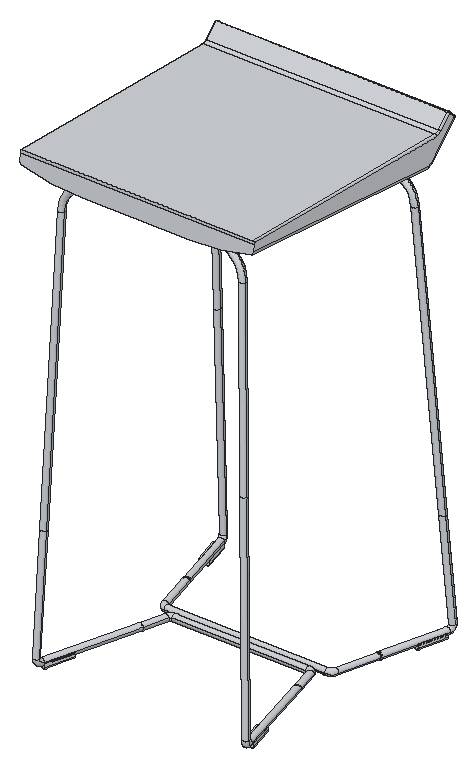
Revit family
Parameters (values of type "Barstool")
  URL = "http://www.keilhauer.com/"
  Product Documentation Link = "http://www.keilhauer.com/"
  Model = "9091"
  Manufacturer = "Keilhauer, Corp."  # constant formula
  Keilhauer Coarse [instance] = none
  Keilhauer Cahoots Glide [instance] = none
  Keilhauer Cahoots Frame [instance] = none
  Keilhauer Cahoots Cushion [instance] = none
  Height = 33.00"
  Description = "Barstool"
  Counterstool = no
  Copyright © = "© 2013 Keilhauer, Corp."  # constant formula
  Catalog = "CAHOOTS"  # constant formula
  Barstool = yes
  Authoring Version = "Autodesk Revit Architecture 2011"  # constant formula
  Assembly Code = "E2020200"
Reference planes
  plane 1 "Center (Front/Back)": y = 0
  plane 2: z = 0
  plane 3 "Center (Left/Right)": x = 0
  plane 4 "B": through (0, 221.175, -0.909) normal (0, 0.9969, 0.0787)
  plane 5 "F": through (0, -231.743, 0) normal (0, 0.9994, -0.0349)
  plane 6 "h": z = 224.152
  plane 7 "Diag": through (-209.57, 231.743, 1200) normal (0.9703, 0.2419, 0)
  plane 8: through (209.57, 231.743, 1200) normal (0.9703, -0.2419, 0)
  plane 9: z = 8.173
  plane 10: z = 838.2
  plane 11: z = 838.2
  plane 12: through (251.028, 497.351, 82.683) normal (0, -0.0934, 0.9956)
  plane 13: through (251.028, 497.351, 82.683) normal (0, -0.0934, 0.9956)
  plane 14: through (251.028, 497.351, 82.683) normal (0, -0.0934, 0.9956)
  plane 15: through (251.028, 497.351, 82.683) normal (0, -0.0934, 0.9956)
Forms (mm)
  Sweep 1, solid, material <- "Keilhauer Cahoots Cushion", detail levels fine
    path origin (0, 0, -22.225) x (0, 1, 0) y (0, 0, 1)
      loop
        line (231.743, 838.2) -> (176.163, 782.62) -> (161.37, 778.656) -> (-231.743, 813.049)
    profile origin (0, 168.767, 758.413) x (0, 0.258819, -0.965926) y (1, 0, 0)
      loop
        line (0, 0) -> (0, 95.23)
        arc (0, 95.23) -> (-3.725, 151.025) -> (-14.834, 205.829) r 419.704
        arc (-14.834, 205.829) -> (-16.652, 208.528) -> (-19.735, 209.57) r 5.08
        line (-19.735, 209.57) -> (-31.75, 209.57) -> (-31.75, -209.57) -> (-19.735, -209.57)
        arc (-19.735, -209.57) -> (-16.652, -208.528) -> (-14.834, -205.829) r 5.08
        arc (-14.834, -205.829) -> (-3.725, -151.025) -> (0, -95.23) r 419.704
        line (0, -95.23) -> (0, 0)
  Extrusion 2, solid, material <- "Keilhauer Cahoots Cushion", detail levels fine
    sketch origin (0, 209.293, 838.426) x (-1, 0, 0) y (0, -0.707107, 0.707107)
      loop
        line (-207.218, 4.043) -> (-207.218, -12.015)
        arc (-207.218, -12.015) -> (-206.659, -13.671) -> (-205.209, -14.647) r 2.728
        arc (-205.209, -14.647) -> (-150.712, -25.694) -> (-95.23, -29.398) r 417.353
        line (-95.23, -29.398) -> (95.23, -29.398)
        arc (95.23, -29.398) -> (150.712, -25.694) -> (205.209, -14.647) r 417.353
        arc (205.209, -14.647) -> (206.659, -13.671) -> (207.218, -12.015) r 2.728
        line (207.218, -12.015) -> (207.218, 4.043) -> (-207.218, 4.043)
    from 0 to 2.362
  Sweep 3, solid, material <- "Keilhauer Cahoots Cushion", detail levels fine
    path origin (0, 0, 0) x (0, -1, 0) y (0, 0, 1)
      loop
        line (228.976, 822.453) -> (-178.037, 814.029)
        arc (-178.037, 814.029) -> (-184.244, 815.163) -> (-189.508, 818.641) r 15.761
        line (-189.508, 818.641) -> (-209.293, 838.426)
    profile origin (0, -25.469, 818.241) x (0, -0.020694, -0.999786) y (-1, 0, 0)
      loop
        line (-5.556, 207.03) -> (-5.556, -207.03)
        arc (-5.556, -207.03) -> (-4.812, -208.826) -> (-3.016, -209.57) r 2.54
        line (-3.016, -209.57) -> (6.484, -209.57) -> (6.484, 209.57) -> (-3.016, 209.57)
        arc (-3.016, 209.57) -> (-4.812, 208.826) -> (-5.556, 207.03) r 2.54
  Extrusion 4, solid, material <- "Keilhauer Cahoots Cushion", detail levels fine
    sketch origin (0, 0, 0) x (0, -1, 0) y (0, 0, 1)
      loop
        line (141.932, 818.091) -> (-186.773, 812.353) -> (-158.302, 783.882) -> (141.932, 810.149) -> (141.932, 818.091)
    from -209.57 to 209.57
  Sweep 5, solid, material <- "Keilhauer Cahoots Cushion", detail levels fine
    path origin (0, 209.293, 838.426) x (-1, 0, 0) y (0, -0.707107, 0.707107)
      loop
        line (207.03, 5.556) -> (-207.03, 5.556)
        arc (-207.03, 5.556) -> (-208.826, 4.812) -> (-209.57, 3.016) r 2.54
        line (-209.57, 3.016) -> (-209.57, -12.015)
        arc (-209.57, -12.015) -> (-208.528, -15.098) -> (-205.829, -16.916) r 5.08
        arc (-205.829, -16.916) -> (-151.025, -28.025) -> (-95.23, -31.75) r 419.704
        line (-95.23, -31.75) -> (95.23, -31.75)
        arc (95.23, -31.75) -> (151.025, -28.025) -> (205.829, -16.916) r 419.704
        arc (205.829, -16.916) -> (208.528, -15.098) -> (209.57, -12.015) r 5.08
        line (209.57, -12.015) -> (209.57, 3.016)
        arc (209.57, 3.016) -> (208.826, 4.812) -> (207.03, 5.556) r 2.54
    profile origin (0, 205.364, 842.355) x (0, 0.707107, -0.707107) y (0, 0.707107, 0.707107)
      loop
        line (0, 0) -> (2.352, 0) -> (2.352, 2.362) -> (0.709, 2.362)
        arc (0.709, 2.362) -> (0.208, 2.154) -> (0, 1.653) r 0.709
        line (0, 1.653) -> (0, 0)
  Sweep 6, solid, material <- "Keilhauer Cahoots Frame", visible <- "Barstool", detail levels fine
    path origin (0, 219.704, 18.146) x (0, 0.078722, -0.996897) y (-1, 0, 0)
      loop
        line (-178.115, -199.084) -> (-685.806, -181.355)
        arc (-685.806, -181.355) -> (-720.575, -165.875) -> (-734.833, -130.586) r 50.8
        line (-734.833, -130.586) -> (-734.833, 130.586)
        arc (-734.833, 130.586) -> (-720.575, 165.875) -> (-685.806, 181.355) r 50.8
        line (-685.806, 181.355) -> (-178.115, 199.084)
    profile origin (0, 161.856, 750.698) x (0, -0.078722, 0.996897) y (0, 0.996897, 0.078722)
      loop
        circle (0, -0.004) r 5.588
  Sweep 7, solid, material <- "Keilhauer Cahoots Frame", visible <- "Barstool", detail levels fine
    path origin (-189.594, 170.434, 702.485) x (-0.034899, 0.078674, -0.996289) y (0.258661, -0.962217, -0.085044)
      loop
        line (679.634, 136.2) -> (689.466, 15.951)
        arc (689.466, 15.951) -> (688.803, 14.023) -> (686.935, 13.204) r 2.54
        line (686.935, 13.204) -> (305.935, 13.204)
    profile origin (-203.504, 196.786, 206.769) x (-0.258661, 0.962217, 0.085044) y (-0.965337, -0.26067, 0.013231)
      loop
        circle (6.473, -6.731) r 5.588
  Sweep 8, solid, material <- "Keilhauer Cahoots Frame", visible <- "Barstool", detail levels fine
    path origin (189.594, 170.434, 702.485) x (0.034899, 0.078674, -0.996289) y (0.258661, 0.962217, 0.085044)
      loop
        line (679.634, -136.2) -> (689.466, -15.951)
        arc (689.466, -15.951) -> (688.803, -14.023) -> (686.935, -13.204) r 2.54
        line (686.935, -13.204) -> (305.935, -13.204)
    profile origin (203.504, 196.786, 206.769) x (-0.258661, -0.962217, -0.085044) y (0.965337, -0.26067, 0.013231)
      loop
        circle (-6.473, -6.731) r 5.588
  Sweep 9, solid, material <- "Keilhauer Cahoots Frame", visible <- "Counterstool", detail levels fine
    path origin (0, 0, 0) x (1, 0, 0) y (0, 1, 0)
      loop
        line (-165.845, 99.167) -> (-145.984, 25.601)
        arc (-145.984, 25.601) -> (-145.076, 24.246) -> (-143.532, 23.723) r 2.54
        line (-143.532, 23.723) -> (143.532, 23.723)
        arc (143.532, 23.723) -> (145.076, 24.246) -> (145.984, 25.601) r 2.54
        line (145.984, 25.601) -> (165.845, 99.167)
    profile origin (-155.915, 62.384, 0) x (0.965434, 0.260647, 0) y (0, 0, 1)
      loop
        spline (-1.4, 8.399) -> (-1.941, 9.754) -> (-2.813, 10.923) -> (-3.959, 11.826) -> (-5.299, 12.402) -> (-6.742, 12.611) -> (-8.191, 12.44) -> (-9.546, 11.9) -> (-10.715, 11.027) -> (-11.618, 9.882) -> (-12.194, 8.541) -> (-12.404, 7.098) -> (-12.233, 5.649)
        spline (-12.233, 5.649) -> (-11.692, 4.294) -> (-10.82, 3.125) -> (-9.674, 2.222) -> (-8.334, 1.646) -> (-6.89, 1.436) -> (-5.442, 1.608) -> (-4.087, 2.148) -> (-2.918, 3.021) -> (-2.014, 4.166) -> (-1.438, 5.506) -> (-1.229, 6.95) -> (-1.4, 8.399)
  Sweep 10, solid, material <- "Keilhauer Cahoots Frame", visible <- "Barstool", detail levels fine
    path origin (0, -220.286, 44.301) x (0, -0.034899, -0.999391) y (1, 0, 0)
      loop
        line (-178.115, 180.034) -> (-688.981, 162.194)
        arc (-688.981, 162.194) -> (-723.75, 146.714) -> (-738.008, 111.425) r 50.8
        line (-738.008, 111.425) -> (-738.008, -111.425)
        arc (-738.008, -111.425) -> (-723.75, -146.714) -> (-688.981, -162.194) r 50.8
        line (-688.981, -162.194) -> (-178.115, -180.034)
    profile origin (0, -194.53, 781.859) x (0, -0.034899, -0.999391) y (0, -0.999391, 0.034899)
      loop
        circle (0, -0.004) r 5.588
  Sweep 11, solid, material <- "Keilhauer Cahoots Cushion", not visible, detail levels fine
    path origin (0, 0, -22.225) x (0, 1, 0) y (0, 0, 1)
      loop
        line (231.743, 838.2) -> (176.163, 782.62) -> (161.37, 778.656) -> (-231.743, 813.049)
    profile origin (0, 168.767, 758.413) x (0, 0.258819, -0.965926) y (1, 0, 0)
      loop
        line (0, 0) -> (0, 95.23)
        arc (0, 95.23) -> (-3.725, 151.025) -> (-14.834, 205.829) r 419.704
        arc (-14.834, 205.829) -> (-16.652, 208.528) -> (-19.735, 209.57) r 5.08
        line (-19.735, 209.57) -> (-31.75, 209.57) -> (-31.75, -209.57) -> (-19.735, -209.57)
        arc (-19.735, -209.57) -> (-16.652, -208.528) -> (-14.834, -205.829) r 5.08
        arc (-14.834, -205.829) -> (-3.725, -151.025) -> (0, -95.23) r 419.704
        line (0, -95.23) -> (0, 0)
  Extrusion 12, solid, material <- "Keilhauer Cahoots Cushion", not visible, detail levels fine
    sketch origin (0, 209.293, 838.426) x (-1, 0, 0) y (0, -0.707107, 0.707107)
      loop
        line (-207.218, 4.043) -> (-207.218, -12.015)
        arc (-207.218, -12.015) -> (-206.659, -13.671) -> (-205.209, -14.647) r 2.728
        arc (-205.209, -14.647) -> (-150.712, -25.694) -> (-95.23, -29.398) r 417.353
        line (-95.23, -29.398) -> (95.23, -29.398)
        arc (95.23, -29.398) -> (150.712, -25.694) -> (205.209, -14.647) r 417.353
        arc (205.209, -14.647) -> (206.659, -13.671) -> (207.218, -12.015) r 2.728
        line (207.218, -12.015) -> (207.218, 4.043) -> (-207.218, 4.043)
    from 0 to 2.362
  Sweep 13, solid, material <- "Keilhauer Cahoots Cushion", not visible, detail levels fine
    path origin (0, 0, 0) x (0, -1, 0) y (0, 0, 1)
      loop
        line (228.976, 822.453) -> (-178.037, 814.029)
        arc (-178.037, 814.029) -> (-184.244, 815.163) -> (-189.508, 818.641) r 15.761
        line (-189.508, 818.641) -> (-209.293, 838.426)
    profile origin (0, -25.469, 818.241) x (0, -0.020694, -0.999786) y (-1, 0, 0)
      loop
        line (-5.556, 207.03) -> (-5.556, -207.03)
        arc (-5.556, -207.03) -> (-4.812, -208.826) -> (-3.016, -209.57) r 2.54
        line (-3.016, -209.57) -> (6.484, -209.57) -> (6.484, 209.57) -> (-3.016, 209.57)
        arc (-3.016, 209.57) -> (-4.812, 208.826) -> (-5.556, 207.03) r 2.54
  Extrusion 14, solid, material <- "Keilhauer Cahoots Cushion", not visible, detail levels fine
    sketch origin (0, 0, 0) x (0, -1, 0) y (0, 0, 1)
      loop
        line (141.932, 818.091) -> (-186.773, 812.353) -> (-158.302, 783.882) -> (141.932, 810.149) -> (141.932, 818.091)
    from -209.57 to 209.57
  Sweep 15, solid, material <- "Keilhauer Cahoots Cushion", not visible, detail levels fine
    path origin (0, 209.293, 838.426) x (-1, 0, 0) y (0, -0.707107, 0.707107)
      loop
        line (207.03, 5.556) -> (-207.03, 5.556)
        arc (-207.03, 5.556) -> (-208.826, 4.812) -> (-209.57, 3.016) r 2.54
        line (-209.57, 3.016) -> (-209.57, -12.015)
        arc (-209.57, -12.015) -> (-208.528, -15.098) -> (-205.829, -16.916) r 5.08
        arc (-205.829, -16.916) -> (-151.025, -28.025) -> (-95.23, -31.75) r 419.704
        line (-95.23, -31.75) -> (95.23, -31.75)
        arc (95.23, -31.75) -> (151.025, -28.025) -> (205.829, -16.916) r 419.704
        arc (205.829, -16.916) -> (208.528, -15.098) -> (209.57, -12.015) r 5.08
        line (209.57, -12.015) -> (209.57, 3.016)
        arc (209.57, 3.016) -> (208.826, 4.812) -> (207.03, 5.556) r 2.54
    profile origin (0, 205.364, 842.355) x (0, 0.707107, -0.707107) y (0, 0.707107, 0.707107)
      loop
        line (0, 0) -> (2.352, 0) -> (2.352, 2.362) -> (0.709, 2.362)
        arc (0.709, 2.362) -> (0.208, 2.154) -> (0, 1.653) r 0.709
        line (0, 1.653) -> (0, 0)
  Sweep 16, solid, material <- "Keilhauer Cahoots Frame", visible <- "Barstool", detail levels fine
    path origin (-167.062, -188.103, 729.567) x (-0.034899, -0.034878, -0.998782) y (-0.258661, -0.965022, 0.042737)
      loop
        line (332.154, 0) -> (713.154, 0)
        arc (713.154, 0) -> (714.982, -0.777) -> (715.693, -2.632) r 2.54
        line (715.693, -2.632) -> (709.5, -173.97)
    profile origin (-185.302, -206.332, 207.549) x (-0.258661, -0.965022, 0.042737) y (-0.965337, 0.259838, 0.024657)
      loop
        circle (6.731, -6.731) r 5.588
  Sweep 17, solid, material <- "Keilhauer Cahoots Frame", visible <- "Barstool", detail levels fine
    path origin (167.062, -188.103, 729.567) x (0.034899, -0.034878, -0.998782) y (-0.258661, 0.965022, -0.042737)
      loop
        line (332.154, 0) -> (713.154, 0)
        arc (713.154, 0) -> (714.982, 0.777) -> (715.693, 2.632) r 2.54
        line (715.693, 2.632) -> (709.5, 173.97)
    profile origin (185.302, -206.332, 207.549) x (-0.258661, 0.965022, -0.042737) y (0.965337, 0.259838, 0.024657)
      loop
        circle (-6.731, -6.731) r 5.588
  Sweep 18, solid, material <- "Keilhauer Cahoots Frame", detail levels fine
    path origin (0, 316.786, 0) x (0, -1, 0) y (1, 0, 0)
      loop
        line (365.842, 133.987) -> (321.841, 122.151)
        arc (321.841, 122.151) -> (320.485, 121.244) -> (319.961, 119.699) r 2.54
        line (319.961, 119.699) -> (319.961, -119.699)
        arc (319.961, -119.699) -> (320.485, -121.244) -> (321.841, -122.151) r 2.54
        line (321.841, -122.151) -> (365.842, -133.987)
    profile origin (128.069, -27.056, 0) x (-0.965674, -0.259759, 0) y (0, 0, 1)
      loop
        spline (-1.464, 7.678) -> (-1.989, 9.039) -> (-2.848, 10.218) -> (-3.983, 11.134) -> (-5.316, 11.726) -> (-6.757, 11.952) -> (-8.208, 11.797) -> (-9.569, 11.272) -> (-10.748, 10.413) -> (-11.664, 9.278) -> (-12.256, 7.944) -> (-12.482, 6.503) -> (-12.327, 5.053)
        spline (-12.327, 5.053) -> (-11.802, 3.692) -> (-10.943, 2.513) -> (-9.808, 1.597) -> (-8.474, 1.005) -> (-7.033, 0.779) -> (-5.583, 0.934) -> (-4.221, 1.459) -> (-3.043, 2.318) -> (-2.126, 3.453) -> (-1.535, 4.787) -> (-1.309, 6.228) -> (-1.464, 7.678)
  Sweep 19, solid, material <- "Keilhauer Cahoots Frame", visible <- "Counterstool", detail levels fine
    path origin (0, 219.704, 18.146) x (0, 0.078722, -0.996897) y (-1, 0, 0)
      loop
        line (-178.115, -199.084) -> (-559.806, -185.755)
        arc (-559.806, -185.755) -> (-594.575, -170.275) -> (-608.833, -134.986) r 50.8
        line (-608.833, -134.986) -> (-608.833, 134.986)
        arc (-608.833, 134.986) -> (-594.575, 170.275) -> (-559.806, 185.755) r 50.8
        line (-559.806, 185.755) -> (-178.115, 199.084)
    profile origin (0, 171.775, 625.089) x (0, -0.078722, 0.996897) y (0, 0.996897, 0.078722)
      loop
        circle (0, -0.004) r 5.588
  Sweep 20, solid, material <- "Keilhauer Cahoots Frame", visible <- "Counterstool", detail levels fine
    path origin (0, -220.286, 44.301) x (0, -0.034899, -0.999391) y (1, 0, 0)
      loop
        line (-178.115, 180.034) -> (-562.684, 166.604)
        arc (-562.684, 166.604) -> (-597.454, 151.124) -> (-611.711, 115.835) r 50.8
        line (-611.711, 115.835) -> (-611.711, -115.835)
        arc (-611.711, -115.835) -> (-597.454, -151.124) -> (-562.684, -166.604) r 50.8
        line (-562.684, -166.604) -> (-178.115, -180.034)
    profile origin (0, -198.938, 655.639) x (0, -0.034899, -0.999391) y (0, -0.999391, 0.034899)
      loop
        circle (0, -0.004) r 5.588
  Sweep 21, solid, material <- "Keilhauer Cahoots Frame", visible <- "Counterstool", detail levels fine
    path origin (-189.594, 170.434, 702.485) x (-0.034899, 0.078674, -0.996289) y (0.258661, -0.962217, -0.085044)
      loop
        line (679.634, 136.2) -> (689.466, 15.951)
        arc (689.466, 15.951) -> (688.803, 14.023) -> (686.935, 13.204) r 2.54
        line (686.935, 13.204) -> (305.935, 13.204)
    profile origin (-203.504, 196.786, 206.769) x (-0.258661, 0.962217, 0.085044) y (-0.965337, -0.26067, 0.013231)
      loop
        circle (6.473, -6.731) r 5.588
  Sweep 22, solid, material <- "Keilhauer Cahoots Frame", visible <- "Counterstool", detail levels fine
    path origin (189.594, 170.434, 702.485) x (0.034899, 0.078674, -0.996289) y (0.258661, 0.962217, 0.085044)
      loop
        line (679.634, -136.2) -> (689.466, -15.951)
        arc (689.466, -15.951) -> (688.803, -14.023) -> (686.935, -13.204) r 2.54
        line (686.935, -13.204) -> (305.935, -13.204)
    profile origin (203.504, 196.786, 206.769) x (-0.258661, -0.962217, -0.085044) y (0.965337, -0.26067, 0.013231)
      loop
        circle (-6.473, -6.731) r 5.588
  Sweep 23, solid, material <- "Keilhauer Cahoots Frame", visible <- "Barstool", detail levels fine
    path origin (0, 0, 0) x (1, 0, 0) y (0, 1, 0)
      loop
        line (-165.845, 99.167) -> (-145.984, 25.601)
        arc (-145.984, 25.601) -> (-145.076, 24.246) -> (-143.532, 23.723) r 2.54
        line (-143.532, 23.723) -> (143.532, 23.723)
        arc (143.532, 23.723) -> (145.076, 24.246) -> (145.984, 25.601) r 2.54
        line (145.984, 25.601) -> (165.845, 99.167)
    profile origin (-155.915, 62.384, 0) x (0.965434, 0.260647, 0) y (0, 0, 1)
      loop
        spline (-1.4, 8.399) -> (-1.941, 9.754) -> (-2.813, 10.923) -> (-3.959, 11.826) -> (-5.299, 12.402) -> (-6.742, 12.611) -> (-8.191, 12.44) -> (-9.546, 11.9) -> (-10.715, 11.027) -> (-11.618, 9.882) -> (-12.194, 8.541) -> (-12.404, 7.098) -> (-12.233, 5.649)
        spline (-12.233, 5.649) -> (-11.692, 4.294) -> (-10.82, 3.125) -> (-9.674, 2.222) -> (-8.334, 1.646) -> (-6.89, 1.436) -> (-5.442, 1.608) -> (-4.087, 2.148) -> (-2.918, 3.021) -> (-2.014, 4.166) -> (-1.438, 5.506) -> (-1.229, 6.95) -> (-1.4, 8.399)
  Sweep 24, solid, material <- "Keilhauer Cahoots Frame", visible <- "Counterstool", detail levels fine
    path origin (-167.062, -188.103, 729.567) x (-0.034899, -0.034878, -0.998782) y (-0.258661, -0.965022, 0.042737)
      loop
        line (332.154, 0) -> (713.154, 0)
        arc (713.154, 0) -> (714.982, -0.777) -> (715.693, -2.632) r 2.54
        line (715.693, -2.632) -> (709.5, -173.97)
    profile origin (-185.302, -206.332, 207.549) x (-0.258661, -0.965022, 0.042737) y (-0.965337, 0.259838, 0.024657)
      loop
        circle (6.731, -6.731) r 5.588
  Sweep 25, solid, material <- "Keilhauer Cahoots Frame", visible <- "Counterstool", detail levels fine
    path origin (167.062, -188.103, 729.567) x (0.034899, -0.034878, -0.998782) y (-0.258661, 0.965022, -0.042737)
      loop
        line (332.154, 0) -> (713.154, 0)
        arc (713.154, 0) -> (714.982, 0.777) -> (715.693, 2.632) r 2.54
        line (715.693, 2.632) -> (709.5, 173.97)
    profile origin (185.302, -206.332, 207.549) x (-0.258661, 0.965022, -0.042737) y (0.965337, 0.259838, 0.024657)
      loop
        circle (-6.731, -6.731) r 5.588
  Sweep 26, solid, material <- "Keilhauer Cahoots Frame", visible <- "Counterstool", detail levels fine
    path origin (0, 316.786, 0) x (0, -1, 0) y (1, 0, 0)
      loop
        line (365.842, 133.987) -> (321.841, 122.151)
        arc (321.841, 122.151) -> (320.485, 121.244) -> (319.961, 119.699) r 2.54
        line (319.961, 119.699) -> (319.961, -119.699)
        arc (319.961, -119.699) -> (320.485, -121.244) -> (321.841, -122.151) r 2.54
        line (321.841, -122.151) -> (365.842, -133.987)
    profile origin (128.069, -27.056, 0) x (-0.965674, -0.259759, 0) y (0, 0, 1)
      loop
        spline (-1.464, 7.678) -> (-1.989, 9.039) -> (-2.848, 10.218) -> (-3.983, 11.134) -> (-5.316, 11.726) -> (-6.757, 11.952) -> (-8.208, 11.797) -> (-9.569, 11.272) -> (-10.748, 10.413) -> (-11.664, 9.278) -> (-12.256, 7.944) -> (-12.482, 6.503) -> (-12.327, 5.053)
        spline (-12.327, 5.053) -> (-11.802, 3.692) -> (-10.943, 2.513) -> (-9.808, 1.597) -> (-8.474, 1.005) -> (-7.033, 0.779) -> (-5.583, 0.934) -> (-4.221, 1.459) -> (-3.043, 2.318) -> (-2.126, 3.453) -> (-1.535, 4.787) -> (-1.309, 6.228) -> (-1.464, 7.678)
  Sweep 27, solid, material <- "Keilhauer Cahoots Glide", detail levels fine
    path origin (167.062, -188.103, 729.567) x (0.034899, -0.034878, -0.998782) y (-0.258661, 0.965022, -0.042737)
      loop
        line (713.858, 53.399) -> (715.693, 2.632)
    profile origin (184.761, -185.998, 14.465) x (0.025534, 0, -0.999674) y (0.965337, 0.259838, 0.024657)
      loop
        arc (5.708, -1.701) -> (12.992, -7.226) -> (5.708, -12.751) r 5.737
        line (5.708, -12.751) -> (5.708, -15.449) -> (12.078, -15.449)
        arc (12.078, -15.449) -> (13.874, -14.705) -> (14.618, -12.909) r 2.54
        line (14.618, -12.909) -> (14.618, -1.543)
        arc (14.618, -1.543) -> (13.874, 0.253) -> (12.078, 0.997) r 2.54
        line (12.078, 0.997) -> (5.708, 0.997) -> (5.708, -1.701)
  Sweep 28, solid, material <- "Keilhauer Cahoots Glide", detail levels fine
    path origin (-167.062, -188.103, 729.567) x (-0.034899, -0.034878, -0.998782) y (-0.258661, -0.965022, 0.042737)
      loop
        line (713.858, -53.399) -> (715.693, -2.632)
    profile origin (-184.761, -185.998, 14.465) x (0.025534, 0, 0.999674) y (-0.965337, 0.259838, 0.024657)
      loop
        line (-5.708, -1.701) -> (-5.708, 0.997) -> (-12.078, 0.997)
        arc (-12.078, 0.997) -> (-13.874, 0.253) -> (-14.618, -1.543) r 2.54
        line (-14.618, -1.543) -> (-14.618, -12.909)
        arc (-14.618, -12.909) -> (-13.874, -14.705) -> (-12.078, -15.449) r 2.54
        line (-12.078, -15.449) -> (-5.708, -15.449) -> (-5.708, -12.751)
        arc (-5.708, -12.751) -> (-12.992, -7.226) -> (-5.708, -1.701) r 5.737
  Sweep 29, solid, material <- "Keilhauer Cahoots Glide", detail levels fine
    path origin (-184.205, 180.528, 729.567) x (-0.034899, 0.034878, -0.998782) y (0.258661, -0.965022, -0.042737)
      loop
        line (713.858, 53.399) -> (715.693, 2.632)
    profile origin (-201.904, 178.423, 14.465) x (-0.025534, 0, -0.999674) y (-0.965337, -0.259838, 0.024657)
      loop
        arc (5.708, -1.701) -> (12.992, -7.226) -> (5.708, -12.751) r 5.737
        line (5.708, -12.751) -> (5.708, -15.449) -> (12.078, -15.449)
        arc (12.078, -15.449) -> (13.874, -14.705) -> (14.618, -12.909) r 2.54
        line (14.618, -12.909) -> (14.618, -1.543)
        arc (14.618, -1.543) -> (13.874, 0.253) -> (12.078, 0.997) r 2.54
        line (12.078, 0.997) -> (5.708, 0.997) -> (5.708, -1.701)
  Sweep 30, solid, material <- "Keilhauer Cahoots Glide", detail levels fine
    path origin (184.205, 180.528, 729.567) x (0.034899, 0.034878, -0.998782) y (0.258661, 0.965022, 0.042737)
      loop
        line (713.858, -53.399) -> (715.693, -2.632)
    profile origin (201.904, 178.423, 14.465) x (-0.025534, 0, 0.999674) y (0.965337, -0.259838, 0.024657)
      loop
        line (-5.708, -1.701) -> (-5.708, 0.997) -> (-12.078, 0.997)
        arc (-12.078, 0.997) -> (-13.874, 0.253) -> (-14.618, -1.543) r 2.54
        line (-14.618, -1.543) -> (-14.618, -12.909)
        arc (-14.618, -12.909) -> (-13.874, -14.705) -> (-12.078, -15.449) r 2.54
        line (-12.078, -15.449) -> (-5.708, -15.449) -> (-5.708, -12.751)
        arc (-5.708, -12.751) -> (-12.992, -7.226) -> (-5.708, -1.701) r 5.737
  Extrusion 31, solid, material <- "Keilhauer Coarse", detail levels coarse
    sketch origin (0, 0, 0) x (0, -1, 0) y (0, 0, 1)
      loop
        line (-206.534, 843.135) -> (-232.312, 817.357) -> (-170.58, 755.625) -> (231.743, 790.824) -> (228.491, 828.001) -> (-184.197, 820.797) -> (-206.534, 843.135)
    from -209.57 to 209.57
  Extrusion 32, solid, material <- "Keilhauer Coarse", detail levels medium
    sketch origin (0, 0, 0) x (0, -1, 0) y (0, 0, 1)
      loop
        line (-206.534, 843.135) -> (-232.312, 817.357) -> (-183.143, 768.188)
        arc (-183.143, 768.188) -> (-169.981, 757.272) -> (-152.881, 757.174) r 25.4
        line (-152.881, 757.174) -> (231.743, 790.824) -> (228.491, 828.001) -> (-172.244, 821.006)
        arc (-172.244, 821.006) -> (-183.386, 822.803) -> (-192.65, 829.25) r 25.4
        line (-192.65, 829.25) -> (-206.534, 843.135)
    from -209.57 to 209.57
  Extrusion 33, solid, material <- "Keilhauer Coarse", not visible, detail levels coarse
    sketch origin (0, 0, 0) x (0, -1, 0) y (0, 0, 1)
      loop
        line (-206.534, 843.135) -> (-232.312, 817.357) -> (-170.58, 755.625) -> (231.743, 790.824) -> (228.491, 828.001) -> (-184.197, 820.797) -> (-206.534, 843.135)
    from -209.57 to 209.57
  Extrusion 34, solid, material <- "Keilhauer Coarse", not visible, detail levels medium
    sketch origin (0, 0, 0) x (0, -1, 0) y (0, 0, 1)
      loop
        line (-206.534, 843.135) -> (-232.312, 817.357) -> (-183.143, 768.188)
        arc (-183.143, 768.188) -> (-169.981, 757.272) -> (-152.881, 757.174) r 25.4
        line (-152.881, 757.174) -> (231.743, 790.824) -> (228.491, 828.001) -> (-172.244, 821.006)
        arc (-172.244, 821.006) -> (-183.386, 822.803) -> (-192.65, 829.25) r 25.4
        line (-192.65, 829.25) -> (-206.534, 843.135)
    from -209.57 to 209.57
  Sweep 35, solid, material <- "Keilhauer Coarse", visible <- "Barstool", detail levels coarse+medium
    path origin (0, 219.704, 18.146) x (0, 0.078722, -0.996897) y (-1, 0, 0)
      loop
        line (-178.115, -199.084) -> (-685.806, -181.355)
        arc (-685.806, -181.355) -> (-720.575, -165.875) -> (-734.833, -130.586) r 50.8
        line (-734.833, -130.586) -> (-734.833, 130.586)
        arc (-734.833, 130.586) -> (-720.575, 165.875) -> (-685.806, 181.355) r 50.8
        line (-685.806, 181.355) -> (-178.115, 199.084)
    profile origin (0, 161.856, 750.698) x (0, -0.078722, 0.996897) y (0, 0.996897, 0.078722)
      loop
        circle (0, -0.004) r 5.588
  Sweep 36, solid, material <- "Keilhauer Coarse", visible <- "Barstool", detail levels coarse+medium
    path origin (-189.594, 170.434, 702.485) x (-0.034899, 0.078674, -0.996289) y (0.258661, -0.962217, -0.085044)
      loop
        line (679.634, 136.2) -> (689.466, 15.951)
        arc (689.466, 15.951) -> (688.803, 14.023) -> (686.935, 13.204) r 2.54
        line (686.935, 13.204) -> (305.935, 13.204)
    profile origin (-203.504, 196.786, 206.769) x (-0.258661, 0.962217, 0.085044) y (-0.965337, -0.26067, 0.013231)
      loop
        circle (6.473, -6.731) r 5.588
  Sweep 37, solid, material <- "Keilhauer Coarse", visible <- "Barstool", detail levels coarse+medium
    path origin (189.594, 170.434, 702.485) x (0.034899, 0.078674, -0.996289) y (0.258661, 0.962217, 0.085044)
      loop
        line (679.634, -136.2) -> (689.466, -15.951)
        arc (689.466, -15.951) -> (688.803, -14.023) -> (686.935, -13.204) r 2.54
        line (686.935, -13.204) -> (305.935, -13.204)
    profile origin (203.504, 196.786, 206.769) x (-0.258661, -0.962217, -0.085044) y (0.965337, -0.26067, 0.013231)
      loop
        circle (-6.473, -6.731) r 5.588
  Sweep 38, solid, material <- "Keilhauer Coarse", visible <- "Counterstool", detail levels coarse+medium
    path origin (0, 0, 0) x (1, 0, 0) y (0, 1, 0)
      loop
        line (-165.845, 99.167) -> (-145.984, 25.601)
        arc (-145.984, 25.601) -> (-145.076, 24.246) -> (-143.532, 23.723) r 2.54
        line (-143.532, 23.723) -> (143.532, 23.723)
        arc (143.532, 23.723) -> (145.076, 24.246) -> (145.984, 25.601) r 2.54
        line (145.984, 25.601) -> (165.845, 99.167)
    profile origin (-155.915, 62.384, 0) x (0.965434, 0.260647, 0) y (0, 0, 1)
      loop
        spline (-1.4, 8.399) -> (-1.941, 9.754) -> (-2.813, 10.923) -> (-3.959, 11.826) -> (-5.299, 12.402) -> (-6.742, 12.611) -> (-8.191, 12.44) -> (-9.546, 11.9) -> (-10.715, 11.027) -> (-11.618, 9.882) -> (-12.194, 8.541) -> (-12.404, 7.098) -> (-12.233, 5.649)
        spline (-12.233, 5.649) -> (-11.692, 4.294) -> (-10.82, 3.125) -> (-9.674, 2.222) -> (-8.334, 1.646) -> (-6.89, 1.436) -> (-5.442, 1.608) -> (-4.087, 2.148) -> (-2.918, 3.021) -> (-2.014, 4.166) -> (-1.438, 5.506) -> (-1.229, 6.95) -> (-1.4, 8.399)
  Sweep 39, solid, material <- "Keilhauer Coarse", visible <- "Barstool", detail levels coarse+medium
    path origin (0, -220.286, 44.301) x (0, -0.034899, -0.999391) y (1, 0, 0)
      loop
        line (-178.115, 180.034) -> (-688.981, 162.194)
        arc (-688.981, 162.194) -> (-723.75, 146.714) -> (-738.008, 111.425) r 50.8
        line (-738.008, 111.425) -> (-738.008, -111.425)
        arc (-738.008, -111.425) -> (-723.75, -146.714) -> (-688.981, -162.194) r 50.8
        line (-688.981, -162.194) -> (-178.115, -180.034)
    profile origin (0, -194.53, 781.859) x (0, -0.034899, -0.999391) y (0, -0.999391, 0.034899)
      loop
        circle (0, -0.004) r 5.588
  Sweep 40, solid, material <- "Keilhauer Coarse", visible <- "Barstool", detail levels coarse+medium
    path origin (-167.062, -188.103, 729.567) x (-0.034899, -0.034878, -0.998782) y (-0.258661, -0.965022, 0.042737)
      loop
        line (332.154, 0) -> (713.154, 0)
        arc (713.154, 0) -> (714.982, -0.777) -> (715.693, -2.632) r 2.54
        line (715.693, -2.632) -> (709.5, -173.97)
    profile origin (-185.302, -206.332, 207.549) x (-0.258661, -0.965022, 0.042737) y (-0.965337, 0.259838, 0.024657)
      loop
        circle (6.731, -6.731) r 5.588
  Sweep 41, solid, material <- "Keilhauer Coarse", visible <- "Barstool", detail levels coarse+medium
    path origin (167.062, -188.103, 729.567) x (0.034899, -0.034878, -0.998782) y (-0.258661, 0.965022, -0.042737)
      loop
        line (332.154, 0) -> (713.154, 0)
        arc (713.154, 0) -> (714.982, 0.777) -> (715.693, 2.632) r 2.54
        line (715.693, 2.632) -> (709.5, 173.97)
    profile origin (185.302, -206.332, 207.549) x (-0.258661, 0.965022, -0.042737) y (0.965337, 0.259838, 0.024657)
      loop
        circle (-6.731, -6.731) r 5.588
  Sweep 42, solid, material <- "Keilhauer Coarse", detail levels coarse+medium
    path origin (0, 316.786, 0) x (0, -1, 0) y (1, 0, 0)
      loop
        line (365.842, 133.987) -> (321.841, 122.151)
        arc (321.841, 122.151) -> (320.485, 121.244) -> (319.961, 119.699) r 2.54
        line (319.961, 119.699) -> (319.961, -119.699)
        arc (319.961, -119.699) -> (320.485, -121.244) -> (321.841, -122.151) r 2.54
        line (321.841, -122.151) -> (365.842, -133.987)
    profile origin (128.069, -27.056, 0) x (-0.965674, -0.259759, 0) y (0, 0, 1)
      loop
        spline (-1.464, 7.678) -> (-1.989, 9.039) -> (-2.848, 10.218) -> (-3.983, 11.134) -> (-5.316, 11.726) -> (-6.757, 11.952) -> (-8.208, 11.797) -> (-9.569, 11.272) -> (-10.748, 10.413) -> (-11.664, 9.278) -> (-12.256, 7.944) -> (-12.482, 6.503) -> (-12.327, 5.053)
        spline (-12.327, 5.053) -> (-11.802, 3.692) -> (-10.943, 2.513) -> (-9.808, 1.597) -> (-8.474, 1.005) -> (-7.033, 0.779) -> (-5.583, 0.934) -> (-4.221, 1.459) -> (-3.043, 2.318) -> (-2.126, 3.453) -> (-1.535, 4.787) -> (-1.309, 6.228) -> (-1.464, 7.678)
  Sweep 43, solid, material <- "Keilhauer Coarse", visible <- "Counterstool", detail levels coarse+medium
    path origin (0, 219.704, 18.146) x (0, 0.078722, -0.996897) y (-1, 0, 0)
      loop
        line (-178.115, -199.084) -> (-559.806, -185.755)
        arc (-559.806, -185.755) -> (-594.575, -170.275) -> (-608.833, -134.986) r 50.8
        line (-608.833, -134.986) -> (-608.833, 134.986)
        arc (-608.833, 134.986) -> (-594.575, 170.275) -> (-559.806, 185.755) r 50.8
        line (-559.806, 185.755) -> (-178.115, 199.084)
    profile origin (0, 171.775, 625.089) x (0, -0.078722, 0.996897) y (0, 0.996897, 0.078722)
      loop
        circle (0, -0.004) r 5.588
  Sweep 44, solid, material <- "Keilhauer Coarse", visible <- "Counterstool", detail levels coarse+medium
    path origin (0, -220.286, 44.301) x (0, -0.034899, -0.999391) y (1, 0, 0)
      loop
        line (-178.115, 180.034) -> (-562.684, 166.604)
        arc (-562.684, 166.604) -> (-597.454, 151.124) -> (-611.711, 115.835) r 50.8
        line (-611.711, 115.835) -> (-611.711, -115.835)
        arc (-611.711, -115.835) -> (-597.454, -151.124) -> (-562.684, -166.604) r 50.8
        line (-562.684, -166.604) -> (-178.115, -180.034)
    profile origin (0, -198.938, 655.639) x (0, -0.034899, -0.999391) y (0, -0.999391, 0.034899)
      loop
        circle (0, -0.004) r 5.588
  Sweep 45, solid, material <- "Keilhauer Coarse", visible <- "Counterstool", detail levels coarse+medium
    path origin (-189.594, 170.434, 702.485) x (-0.034899, 0.078674, -0.996289) y (0.258661, -0.962217, -0.085044)
      loop
        line (679.634, 136.2) -> (689.466, 15.951)
        arc (689.466, 15.951) -> (688.803, 14.023) -> (686.935, 13.204) r 2.54
        line (686.935, 13.204) -> (305.935, 13.204)
    profile origin (-203.504, 196.786, 206.769) x (-0.258661, 0.962217, 0.085044) y (-0.965337, -0.26067, 0.013231)
      loop
        circle (6.473, -6.731) r 5.588
  Sweep 46, solid, material <- "Keilhauer Coarse", visible <- "Counterstool", detail levels coarse+medium
    path origin (189.594, 170.434, 702.485) x (0.034899, 0.078674, -0.996289) y (0.258661, 0.962217, 0.085044)
      loop
        line (679.634, -136.2) -> (689.466, -15.951)
        arc (689.466, -15.951) -> (688.803, -14.023) -> (686.935, -13.204) r 2.54
        line (686.935, -13.204) -> (305.935, -13.204)
    profile origin (203.504, 196.786, 206.769) x (-0.258661, -0.962217, -0.085044) y (0.965337, -0.26067, 0.013231)
      loop
        circle (-6.473, -6.731) r 5.588
  Sweep 47, solid, material <- "Keilhauer Coarse", visible <- "Barstool", detail levels coarse+medium
    path origin (0, 0, 0) x (1, 0, 0) y (0, 1, 0)
      loop
        line (-165.845, 99.167) -> (-145.984, 25.601)
        arc (-145.984, 25.601) -> (-145.076, 24.246) -> (-143.532, 23.723) r 2.54
        line (-143.532, 23.723) -> (143.532, 23.723)
        arc (143.532, 23.723) -> (145.076, 24.246) -> (145.984, 25.601) r 2.54
        line (145.984, 25.601) -> (165.845, 99.167)
    profile origin (-155.915, 62.384, 0) x (0.965434, 0.260647, 0) y (0, 0, 1)
      loop
        spline (-1.4, 8.399) -> (-1.941, 9.754) -> (-2.813, 10.923) -> (-3.959, 11.826) -> (-5.299, 12.402) -> (-6.742, 12.611) -> (-8.191, 12.44) -> (-9.546, 11.9) -> (-10.715, 11.027) -> (-11.618, 9.882) -> (-12.194, 8.541) -> (-12.404, 7.098) -> (-12.233, 5.649)
        spline (-12.233, 5.649) -> (-11.692, 4.294) -> (-10.82, 3.125) -> (-9.674, 2.222) -> (-8.334, 1.646) -> (-6.89, 1.436) -> (-5.442, 1.608) -> (-4.087, 2.148) -> (-2.918, 3.021) -> (-2.014, 4.166) -> (-1.438, 5.506) -> (-1.229, 6.95) -> (-1.4, 8.399)
  Sweep 48, solid, material <- "Keilhauer Coarse", visible <- "Counterstool", detail levels coarse+medium
    path origin (-167.062, -188.103, 729.567) x (-0.034899, -0.034878, -0.998782) y (-0.258661, -0.965022, 0.042737)
      loop
        line (332.154, 0) -> (713.154, 0)
        arc (713.154, 0) -> (714.982, -0.777) -> (715.693, -2.632) r 2.54
        line (715.693, -2.632) -> (709.5, -173.97)
    profile origin (-185.302, -206.332, 207.549) x (-0.258661, -0.965022, 0.042737) y (-0.965337, 0.259838, 0.024657)
      loop
        circle (6.731, -6.731) r 5.588
  Sweep 49, solid, material <- "Keilhauer Coarse", visible <- "Counterstool", detail levels coarse+medium
    path origin (167.062, -188.103, 729.567) x (0.034899, -0.034878, -0.998782) y (-0.258661, 0.965022, -0.042737)
      loop
        line (332.154, 0) -> (713.154, 0)
        arc (713.154, 0) -> (714.982, 0.777) -> (715.693, 2.632) r 2.54
        line (715.693, 2.632) -> (709.5, 173.97)
    profile origin (185.302, -206.332, 207.549) x (-0.258661, 0.965022, -0.042737) y (0.965337, 0.259838, 0.024657)
      loop
        circle (-6.731, -6.731) r 5.588
  Sweep 50, solid, material <- "Keilhauer Coarse", visible <- "Counterstool", detail levels coarse+medium
    path origin (0, 316.786, 0) x (0, -1, 0) y (1, 0, 0)
      loop
        line (365.842, 133.987) -> (321.841, 122.151)
        arc (321.841, 122.151) -> (320.485, 121.244) -> (319.961, 119.699) r 2.54
        line (319.961, 119.699) -> (319.961, -119.699)
        arc (319.961, -119.699) -> (320.485, -121.244) -> (321.841, -122.151) r 2.54
        line (321.841, -122.151) -> (365.842, -133.987)
    profile origin (128.069, -27.056, 0) x (-0.965674, -0.259759, 0) y (0, 0, 1)
      loop
        spline (-1.464, 7.678) -> (-1.989, 9.039) -> (-2.848, 10.218) -> (-3.983, 11.134) -> (-5.316, 11.726) -> (-6.757, 11.952) -> (-8.208, 11.797) -> (-9.569, 11.272) -> (-10.748, 10.413) -> (-11.664, 9.278) -> (-12.256, 7.944) -> (-12.482, 6.503) -> (-12.327, 5.053)
        spline (-12.327, 5.053) -> (-11.802, 3.692) -> (-10.943, 2.513) -> (-9.808, 1.597) -> (-8.474, 1.005) -> (-7.033, 0.779) -> (-5.583, 0.934) -> (-4.221, 1.459) -> (-3.043, 2.318) -> (-2.126, 3.453) -> (-1.535, 4.787) -> (-1.309, 6.228) -> (-1.464, 7.678)
Cuts and joins
  joined: Sweep 1, Extrusion 2, Sweep 3, Extrusion 4, Sweep 5
  joined: Sweep 6, Sweep 7, Sweep 8
  joined: Sweep 10, Sweep 16, Sweep 17
Lines and regions (mm)
  Masking region 1
    outline origin (0, 0, 0) x (1, 0, 0) y (0, 1, 0)
      loop
        line (0, 233.362) -> (-95.25, 233.363)
        arc (-95.25, 233.363) -> (-151.152, 230.519) -> (-206.476, 222.019) r 550.982
        arc (-206.476, 222.019) -> (-208.469, 220.811) -> (-209.25, 218.615) r 3.476
        line (-209.25, 218.615) -> (-209.25, -228.837) -> (209.25, -228.837) -> (209.25, 218.739)
        arc (209.25, 218.739) -> (208.503, 220.838) -> (206.598, 221.994) r 3.324
        arc (206.598, 221.994) -> (151.214, 230.513) -> (95.25, 233.363) r 550.982
        line (95.25, 233.363) -> (0, 233.362)
Dimensions and locks
  plane 6 "h" to plane 2 = 8.82487"
  "Height": plane 10 to plane 2
  plane 12 to Sweep 6 sketch curve = 27.41864"
  plane 13 to Sweep 19 sketch curve = 22.45855"
  plane 14 to Sweep 35 sketch curve = 27.41864"
  plane 15 to Sweep 43 sketch curve = 22.45855"
  aligned and locked: nested 1 to plane 3 "Center (Left/Right)"
  aligned and locked: plane 1 "Center (Front/Back)" to nested 1
Automatic sketch dimensions
  Sweep 6 sketch curve to plane 3 "Center (Left/Right)" = 5.14118"
  plane 3 "Center (Left/Right)" to Sweep 6 sketch curve = 7.13996"
  Sweep 6 sketch curve to Sweep 6 sketch curve = 1.9302"  (x2)
  Sweep 6 sketch curve to plane 3 "Center (Left/Right)" = 7.13996"
  Sweep 6 sketch curve to Sweep 6 sketch curve = 0.0698"
  Sweep 6 sketch curve to plane 3 "Center (Left/Right)" = 7.83795"
  Sweep 6 sketch curve to Sweep 6 sketch curve = 19.98782"
  plane 3 "Center (Left/Right)" to Sweep 6 sketch curve = 7.83795"
  Sweep 6 sketch curve to Sweep 6 sketch curve = 0.00"
  profile plane to Sweep 6 sketch curve = 0.00"
  Sweep 6 sketch curve to profile plane = 0.00015"
  Sweep 7 sketch curve to Sweep 7 sketch curve = 14.71258"
  Sweep 7 sketch curve to Sweep 7 sketch curve = 0.28742"
  Sweep 7 sketch curve to Sweep 7 sketch curve = 0.09967"
  Sweep 7 sketch curve to Sweep 7 sketch curve = 0.10"
  Sweep 7 sketch curve to Sweep 7 sketch curve = 4.7342"
  Sweep 7 sketch curve to Sweep 7 sketch curve = 0.00"  (x2)
  Sweep 7 sketch curve to profile plane = 0.19789"
  Sweep 7 sketch curve to Sweep 7 sketch curve = 0.05694"  (x2)
  Sweep 7 sketch curve to profile plane = 0.05251"
  Sweep 7 sketch curve to Sweep 7 sketch curve = 0.2125"
  Sweep 8 sketch curve to Sweep 8 sketch curve = 14.71258"
  Sweep 8 sketch curve to Sweep 8 sketch curve = 0.28742"
  Sweep 8 sketch curve to Sweep 8 sketch curve = 0.09967"
  Sweep 8 sketch curve to Sweep 8 sketch curve = 4.7342"
  Sweep 8 sketch curve to Sweep 8 sketch curve = 0.00815"
  Sweep 8 sketch curve to Sweep 8 sketch curve = 0.00"  (x2)
  Sweep 8 sketch curve to profile plane = 0.05251"
  profile plane to Sweep 8 sketch curve = 0.31177"
  Sweep 8 sketch curve to Sweep 8 sketch curve = 0.05694"
  profile plane to Sweep 8 sketch curve = 0.19789"
  Sweep 8 sketch curve to Sweep 8 sketch curve = 0.2125"
  plane 3 "Center (Left/Right)" to Sweep 9 sketch curve = 6.52934"
  Sweep 9 sketch curve to plane 1 "Center (Front/Back)" = 1.0079"  (x2)
  Sweep 9 sketch curve to Sweep 9 sketch curve = 0.78194"  (x2)
  Sweep 9 sketch curve to Sweep 9 sketch curve = 0.09654"  (x2)
  Sweep 9 sketch curve to plane 1 "Center (Front/Back)" = 0.93397"
  Sweep 9 sketch curve to plane 3 "Center (Left/Right)" = 5.65086"
  Sweep 9 sketch curve to Sweep 9 sketch curve = 2.8963"  (x2)
  level to Sweep 9 sketch curve = 0.27653"
  profile plane to Sweep 9 sketch curve = 0.48836"
  Sweep 9 sketch curve to Sweep 9 sketch curve = 0.00"  (x2)
  Sweep 9 sketch curve to Sweep 9 sketch curve = 0.00676"
  Sweep 9 sketch curve to Sweep 9 sketch curve = 0.21324"
  profile plane to Sweep 9 sketch curve = 0.05512"
  Sweep 9 sketch curve to Sweep 9 sketch curve = 0.05412"
  Sweep 10 sketch curve to plane 3 "Center (Left/Right)" = 4.38681"
  plane 3 "Center (Left/Right)" to Sweep 10 sketch curve = 6.38559"
  Sweep 10 sketch curve to Sweep 10 sketch curve = 1.9302"  (x2)
  Sweep 10 sketch curve to plane 3 "Center (Left/Right)" = 6.38559"
  Sweep 10 sketch curve to Sweep 10 sketch curve = 0.0698"
  Sweep 10 sketch curve to plane 3 "Center (Left/Right)" = 7.08795"
  Sweep 10 sketch curve to Sweep 10 sketch curve = 20.11282"
  plane 3 "Center (Left/Right)" to Sweep 10 sketch curve = 7.08795"
  Sweep 10 sketch curve to Sweep 10 sketch curve = 0.00"
  Sweep 10 sketch curve to profile plane = 0.00"
  Sweep 10 sketch curve to profile plane = 0.00015"
  Sweep 16 sketch curve to Sweep 16 sketch curve = 14.85613"
  Sweep 16 sketch curve to Sweep 16 sketch curve = 0.14387"
  Sweep 16 sketch curve to Sweep 16 sketch curve = 0.09993"
  Sweep 16 sketch curve to Sweep 16 sketch curve = 6.7456"
  Sweep 16 sketch curve to Sweep 16 sketch curve = 0.00361"
  Sweep 16 sketch curve to Sweep 16 sketch curve = 0.00"  (x2)
  Sweep 16 sketch curve to profile plane = 0.20807"
  Sweep 16 sketch curve to Sweep 16 sketch curve = 0.05694"  (x2)
  Sweep 16 sketch curve to profile plane = 0.05251"
  Sweep 16 sketch curve to Sweep 16 sketch curve = 0.2125"
  Sweep 17 sketch curve to Sweep 17 sketch curve = 14.85613"
  Sweep 17 sketch curve to Sweep 17 sketch curve = 0.14387"
  Sweep 17 sketch curve to Sweep 17 sketch curve = 0.09993"
  Sweep 17 sketch curve to Sweep 17 sketch curve = 0.10"
  Sweep 17 sketch curve to Sweep 17 sketch curve = 6.7456"
  Sweep 17 sketch curve to Sweep 17 sketch curve = 0.00"  (x2)
  Sweep 17 sketch curve to profile plane = 0.05251"
  profile plane to Sweep 17 sketch curve = 0.32195"
  Sweep 17 sketch curve to Sweep 17 sketch curve = 0.05694"
  profile plane to Sweep 17 sketch curve = 0.20807"
  Sweep 17 sketch curve to Sweep 17 sketch curve = 0.2125"
  plane 1 "Center (Front/Back)" to Sweep 18 sketch curve = 0.125"
  Sweep 18 sketch curve to Sweep 18 sketch curve = 0.07402"  (x2)
  Sweep 18 sketch curve to Sweep 18 sketch curve = 0.02598"  (x2)
  Sweep 18 sketch curve to Sweep 18 sketch curve = 1.73232"  (x2)
  plane 3 "Center (Left/Right)" to Sweep 18 sketch curve = 5.27509"
  Sweep 18 sketch curve to Sweep 18 sketch curve = 0.46598"  (x2)
  Sweep 18 sketch curve to plane 3 "Center (Left/Right)" = 4.71254"
  profile plane to Sweep 18 sketch curve = 0.19893"
  profile plane to Sweep 18 sketch curve = 0.48531"
  Sweep 18 sketch curve to Sweep 18 sketch curve = 0.21384"
  Sweep 18 sketch curve to Sweep 18 sketch curve = 0.00"  (x2)
  profile plane to Sweep 18 sketch curve = 0.05762"
  profile plane to Sweep 18 sketch curve = 0.05147"
  profile plane to Sweep 18 sketch curve = 0.25061"
  Sweep 1 sketch curve to plane 10 = 1.86519"
  Sweep 1 sketch curve to plane 10 = 3.21925"
  Sweep 1 sketch curve to Sweep 1 sketch curve = 15.47691"
  Sweep 1 sketch curve to plane 10 = 3.0632"
  Sweep 1 sketch curve to Sweep 1 sketch curve = 0.58238"
  Sweep 1 sketch curve to plane 10 = 0.875"
  Sweep 1 sketch curve to Sweep 1 sketch curve = 2.1882"
  Sweep 1 sketch curve to profile plane = 0.00"  (x2)
  profile plane to Sweep 1 sketch curve = 0.58403"  (x2)
  Sweep 1 sketch curve to Sweep 1 sketch curve = 0.00"  (x3)
  Sweep 1 sketch curve to Sweep 1 sketch curve = 0.19293"  (x2)
  Sweep 1 sketch curve to Sweep 1 sketch curve = 0.47304"
  Sweep 1 sketch curve to profile plane = 3.74922"
  Sweep 1 sketch curve to Sweep 1 sketch curve = 15.27379"
  profile plane to Sweep 1 sketch curve = 3.74922"
  Sweep 3 to Extrusion 2 sketch curve = 0.09258"
  Extrusion 2 sketch curve to Extrusion 2 sketch curve = 0.07911"
  Extrusion 2 sketch curve to Extrusion 2 sketch curve = 0.00"  (x2)
  Extrusion 2 sketch curve to Extrusion 2 sketch curve = 0.02831"  (x2)
  Sweep 3 to Extrusion 2 sketch curve = 4.50157"  (x2)
  Sweep 3 to Extrusion 2 sketch curve = 0.90213"
  Sweep 3 to Extrusion 2 sketch curve = 0.20"
  Extrusion 2 sketch curve to Sweep 3 = 0.05957"
  Extrusion 2 sketch curve to Extrusion 2 sketch curve = 0.10742"
  plane 10 to Sweep 3 sketch curve = 0.00888"
  Sweep 3 sketch curve to Sweep 3 sketch curve = 0.7789"
  Sweep 3 sketch curve to plane 10 = 0.33125"
  Sweep 3 sketch curve to Sweep 3 sketch curve = 0.43877"  (x2)
  Sweep 3 sketch curve to Sweep 3 sketch curve = 0.45161"
  Sweep 3 sketch curve to plane 10 = 0.61995"
  Sweep 3 sketch curve to Sweep 3 sketch curve = 16.02415"
  profile plane to Sweep 3 sketch curve = 0.21875"
  Sweep 3 sketch curve to Sweep 3 sketch curve = 0.10"
  profile plane to Sweep 3 sketch curve = 0.11875"
  Sweep 3 sketch curve to profile plane = 0.25529"
  Sweep 3 sketch curve to profile plane = 8.25078"
  profile plane to Sweep 3 sketch curve = 8.15078"
  Extrusion 4 sketch curve to plane 10 = 1.0176"
  Extrusion 4 sketch curve to plane 10 = 2.1385"
  Extrusion 4 sketch curve to Extrusion 4 sketch curve = 1.1209"
  Extrusion 4 sketch curve to plane 10 = 1.10436"
  Extrusion 4 sketch curve to Extrusion 4 sketch curve = 11.82023"
  Extrusion 4 sketch curve to Extrusion 4 sketch curve = 0.31266"
  Sweep 5 sketch curve to Sweep 3 = 0.00"
  Sweep 3 to Sweep 5 sketch curve = 0.1473"
  Sweep 5 sketch curve to Sweep 5 sketch curve = 0.00"  (x2)
  Sweep 5 sketch curve to Sweep 5 sketch curve = 0.20"
  Sweep 3 to Sweep 5 sketch curve = 0.99471"
  Sweep 5 sketch curve to Sweep 5 sketch curve = 4.30157"
  Sweep 3 to Sweep 5 sketch curve = 4.50157"
  Sweep 3 to Sweep 5 sketch curve = 0.20"
  Sweep 5 sketch curve to Sweep 5 sketch curve = 0.0527"
  Sweep 3 to Sweep 5 sketch curve = 0.10"
  Sweep 5 sketch curve to profile plane = 0.00"  (x2)
  Sweep 5 sketch curve to profile plane = 0.0279"
  Sweep 5 sketch curve to Sweep 5 sketch curve = 0.06468"
  profile plane to Sweep 5 sketch curve = 0.06508"
  Sweep 11 sketch curve to plane 11 = 1.86519"
  Sweep 11 sketch curve to plane 11 = 3.21925"
  Sweep 11 sketch curve to Sweep 11 sketch curve = 15.47691"
  Sweep 11 sketch curve to plane 11 = 3.0632"
  Sweep 11 sketch curve to Sweep 11 sketch curve = 0.58238"
  Sweep 11 sketch curve to plane 11 = 0.875"
  Sweep 11 sketch curve to Sweep 11 sketch curve = 2.1882"
  Sweep 11 sketch curve to profile plane = 0.00"  (x2)
  profile plane to Sweep 11 sketch curve = 0.58403"  (x2)
  Sweep 11 sketch curve to Sweep 11 sketch curve = 0.00"  (x3)
  Sweep 11 sketch curve to Sweep 11 sketch curve = 0.19293"  (x2)
  Sweep 11 sketch curve to Sweep 11 sketch curve = 0.47304"
  Sweep 11 sketch curve to profile plane = 3.74922"
  Sweep 11 sketch curve to Sweep 11 sketch curve = 15.27379"
  profile plane to Sweep 11 sketch curve = 3.74922"
  Sweep 13 to Extrusion 12 sketch curve = 0.09258"
  Extrusion 12 sketch curve to Extrusion 12 sketch curve = 0.07911"
  Extrusion 12 sketch curve to Extrusion 12 sketch curve = 0.00"  (x2)
  Extrusion 12 sketch curve to Extrusion 12 sketch curve = 0.02831"  (x2)
  Sweep 13 to Extrusion 12 sketch curve = 4.50157"  (x2)
  Sweep 13 to Extrusion 12 sketch curve = 0.90213"
  Sweep 13 to Extrusion 12 sketch curve = 0.20"
  Extrusion 12 sketch curve to Sweep 13 = 0.05957"
  Extrusion 12 sketch curve to Extrusion 12 sketch curve = 0.10742"
  plane 11 to Sweep 13 sketch curve = 0.00888"
  Sweep 13 sketch curve to Sweep 13 sketch curve = 0.7789"
  Sweep 13 sketch curve to plane 11 = 0.33125"
  Sweep 13 sketch curve to Sweep 13 sketch curve = 0.43877"  (x2)
  Sweep 13 sketch curve to Sweep 13 sketch curve = 0.45161"
  Sweep 13 sketch curve to plane 11 = 0.61995"
  Sweep 13 sketch curve to Sweep 13 sketch curve = 16.02415"
  profile plane to Sweep 13 sketch curve = 0.21875"
  Sweep 13 sketch curve to Sweep 13 sketch curve = 0.10"
  profile plane to Sweep 13 sketch curve = 0.11875"
  Sweep 13 sketch curve to profile plane = 0.25529"
  Sweep 13 sketch curve to profile plane = 8.25078"
  profile plane to Sweep 13 sketch curve = 8.15078"
  Extrusion 14 sketch curve to plane 11 = 1.0176"
  Extrusion 14 sketch curve to plane 11 = 2.1385"
  Extrusion 14 sketch curve to Extrusion 14 sketch curve = 1.1209"
  Extrusion 14 sketch curve to plane 11 = 1.10436"
  Extrusion 14 sketch curve to Extrusion 14 sketch curve = 11.82023"
  Extrusion 14 sketch curve to Extrusion 14 sketch curve = 0.31266"
  Sweep 15 sketch curve to Sweep 13 = 0.00"
  Sweep 13 to Sweep 15 sketch curve = 0.1473"
  Sweep 15 sketch curve to Sweep 15 sketch curve = 0.00"  (x2)
  Sweep 15 sketch curve to Sweep 15 sketch curve = 0.20"
  Sweep 13 to Sweep 15 sketch curve = 0.99471"
  Sweep 15 sketch curve to Sweep 15 sketch curve = 4.30157"
  Sweep 13 to Sweep 15 sketch curve = 4.50157"
  Sweep 13 to Sweep 15 sketch curve = 0.20"
  Sweep 15 sketch curve to Sweep 15 sketch curve = 0.0527"
  Sweep 13 to Sweep 15 sketch curve = 0.10"
  Sweep 15 sketch curve to profile plane = 0.00"  (x2)
  Sweep 15 sketch curve to profile plane = 0.0279"
  Sweep 15 sketch curve to Sweep 15 sketch curve = 0.06468"
  profile plane to Sweep 15 sketch curve = 0.06508"
  Sweep 19 sketch curve to Sweep 19 sketch curve = 1.9302"  (x2)
  Sweep 19 sketch curve to Sweep 19 sketch curve = 0.0698"
  Sweep 19 sketch curve to Sweep 19 sketch curve = 15.02719"
  Sweep 19 sketch curve to Sweep 19 sketch curve = 0.00"
  profile plane to Sweep 19 sketch curve = 0.00"
  Sweep 19 sketch curve to profile plane = 0.00015"
  Sweep 20 sketch curve to profile plane = 0.00"
  Sweep 20 sketch curve to profile plane = 0.00015"
  Sweep 20 sketch curve to plane 3 "Center (Left/Right)" = 4.56045"
  plane 3 "Center (Left/Right)" to Sweep 20 sketch curve = 6.55923"
  Sweep 20 sketch curve to Sweep 20 sketch curve = 1.9302"  (x2)
  Sweep 20 sketch curve to plane 3 "Center (Left/Right)" = 6.55923"
  Sweep 20 sketch curve to Sweep 20 sketch curve = 2.00"
  Sweep 20 sketch curve to plane 3 "Center (Left/Right)" = 7.08795"
  Sweep 20 sketch curve to Sweep 20 sketch curve = 15.14051"
  plane 3 "Center (Left/Right)" to Sweep 20 sketch curve = 7.08795"
  Sweep 20 sketch curve to Sweep 20 sketch curve = 0.00"
  Sweep 21 sketch curve to Sweep 21 sketch curve = 14.71258"
  Sweep 21 sketch curve to Sweep 21 sketch curve = 0.28742"
  Sweep 21 sketch curve to Sweep 21 sketch curve = 0.09967"
  Sweep 21 sketch curve to Sweep 21 sketch curve = 0.10"
  Sweep 21 sketch curve to Sweep 21 sketch curve = 4.7342"
  Sweep 21 sketch curve to Sweep 21 sketch curve = 0.00"  (x2)
  Sweep 21 sketch curve to profile plane = 0.19789"
  Sweep 21 sketch curve to Sweep 21 sketch curve = 0.05694"  (x2)
  Sweep 21 sketch curve to profile plane = 0.05251"
  Sweep 21 sketch curve to Sweep 21 sketch curve = 0.2125"
  Sweep 22 sketch curve to Sweep 22 sketch curve = 14.71258"
  Sweep 22 sketch curve to Sweep 22 sketch curve = 0.28742"
  Sweep 22 sketch curve to Sweep 22 sketch curve = 0.09967"
  Sweep 22 sketch curve to Sweep 22 sketch curve = 4.7342"
  Sweep 22 sketch curve to Sweep 22 sketch curve = 0.00815"
  Sweep 22 sketch curve to Sweep 22 sketch curve = 0.00"  (x2)
  Sweep 22 sketch curve to profile plane = 0.05251"
  profile plane to Sweep 22 sketch curve = 0.31177"
  Sweep 22 sketch curve to Sweep 22 sketch curve = 0.05694"
  profile plane to Sweep 22 sketch curve = 0.19789"
  Sweep 22 sketch curve to Sweep 22 sketch curve = 0.2125"
  plane 3 "Center (Left/Right)" to Sweep 23 sketch curve = 6.52934"
  Sweep 23 sketch curve to plane 1 "Center (Front/Back)" = 1.0079"  (x2)
  Sweep 23 sketch curve to Sweep 23 sketch curve = 0.78194"  (x2)
  Sweep 23 sketch curve to Sweep 23 sketch curve = 0.09654"  (x2)
  Sweep 23 sketch curve to plane 1 "Center (Front/Back)" = 0.93397"
  Sweep 23 sketch curve to plane 3 "Center (Left/Right)" = 5.65086"
  Sweep 23 sketch curve to Sweep 23 sketch curve = 2.8963"  (x2)
  level to Sweep 23 sketch curve = 0.27653"
  profile plane to Sweep 23 sketch curve = 0.48836"
  Sweep 23 sketch curve to Sweep 23 sketch curve = 0.00"  (x2)
  Sweep 23 sketch curve to Sweep 23 sketch curve = 0.00676"
  Sweep 23 sketch curve to Sweep 23 sketch curve = 0.21324"
  profile plane to Sweep 23 sketch curve = 0.05512"
  Sweep 23 sketch curve to Sweep 23 sketch curve = 0.05412"
  Sweep 24 sketch curve to Sweep 24 sketch curve = 14.85613"
  Sweep 24 sketch curve to Sweep 24 sketch curve = 0.14387"
  Sweep 24 sketch curve to Sweep 24 sketch curve = 0.09993"
  Sweep 24 sketch curve to Sweep 24 sketch curve = 6.7456"
  Sweep 24 sketch curve to Sweep 24 sketch curve = 0.00361"
  Sweep 24 sketch curve to Sweep 24 sketch curve = 0.00"  (x2)
  Sweep 24 sketch curve to profile plane = 0.20807"
  Sweep 24 sketch curve to Sweep 24 sketch curve = 0.05694"  (x2)
  Sweep 24 sketch curve to profile plane = 0.05251"
  Sweep 24 sketch curve to Sweep 24 sketch curve = 0.2125"
  Sweep 25 sketch curve to Sweep 25 sketch curve = 14.85613"
  Sweep 25 sketch curve to Sweep 25 sketch curve = 0.14387"
  Sweep 25 sketch curve to Sweep 25 sketch curve = 0.09993"
  Sweep 25 sketch curve to Sweep 25 sketch curve = 0.10"
  Sweep 25 sketch curve to Sweep 25 sketch curve = 6.7456"
  Sweep 25 sketch curve to Sweep 25 sketch curve = 0.00"  (x2)
  Sweep 25 sketch curve to profile plane = 0.05251"
  profile plane to Sweep 25 sketch curve = 0.32195"
  Sweep 25 sketch curve to Sweep 25 sketch curve = 0.05694"
  profile plane to Sweep 25 sketch curve = 0.20807"
  Sweep 25 sketch curve to Sweep 25 sketch curve = 0.2125"
  plane 1 "Center (Front/Back)" to Sweep 26 sketch curve = 0.125"
  Sweep 26 sketch curve to Sweep 26 sketch curve = 0.07402"  (x2)
  Sweep 26 sketch curve to Sweep 26 sketch curve = 0.02598"  (x2)
  Sweep 26 sketch curve to Sweep 26 sketch curve = 1.73232"  (x2)
  plane 3 "Center (Left/Right)" to Sweep 26 sketch curve = 5.27509"
  Sweep 26 sketch curve to Sweep 26 sketch curve = 0.46598"  (x2)
  Sweep 26 sketch curve to plane 3 "Center (Left/Right)" = 4.71254"
  profile plane to Sweep 26 sketch curve = 0.19893"
  profile plane to Sweep 26 sketch curve = 0.48531"
  Sweep 26 sketch curve to Sweep 26 sketch curve = 0.21384"
  Sweep 26 sketch curve to Sweep 26 sketch curve = 0.00"  (x2)
  profile plane to Sweep 26 sketch curve = 0.05762"
  profile plane to Sweep 26 sketch curve = 0.05147"
  profile plane to Sweep 26 sketch curve = 0.25061"
  Sweep 27 sketch curve to Sweep 27 sketch curve = 0.07224"
  Sweep 27 sketch curve to Sweep 27 sketch curve = 1.9987"
  Sweep 27 sketch curve to profile plane = 0.06697"
  Sweep 27 sketch curve to profile plane = 0.22473"  (x2)
  Sweep 27 sketch curve to Sweep 27 sketch curve = 0.06087"
  Sweep 27 sketch curve to Sweep 27 sketch curve = 0.25079"  (x2)
  profile plane to Sweep 27 sketch curve = 0.03925"
  Sweep 27 sketch curve to Sweep 27 sketch curve = 0.10"
  Sweep 27 sketch curve to Sweep 27 sketch curve = 0.21752"
  Sweep 27 sketch curve to Sweep 27 sketch curve = 0.00622"
  Sweep 28 sketch curve to Sweep 28 sketch curve = 0.07224"
  Sweep 28 sketch curve to Sweep 28 sketch curve = 1.9987"
  profile plane to Sweep 28 sketch curve = 0.57552"
  profile plane to Sweep 28 sketch curve = 0.03925"
  Sweep 28 sketch curve to Sweep 28 sketch curve = 0.10"  (x2)
  profile plane to Sweep 28 sketch curve = 0.2856"
  profile plane to Sweep 28 sketch curve = 0.22473"  (x2)
  Sweep 28 sketch curve to profile plane = 0.06697"
  Sweep 28 sketch curve to Sweep 28 sketch curve = 0.21752"
